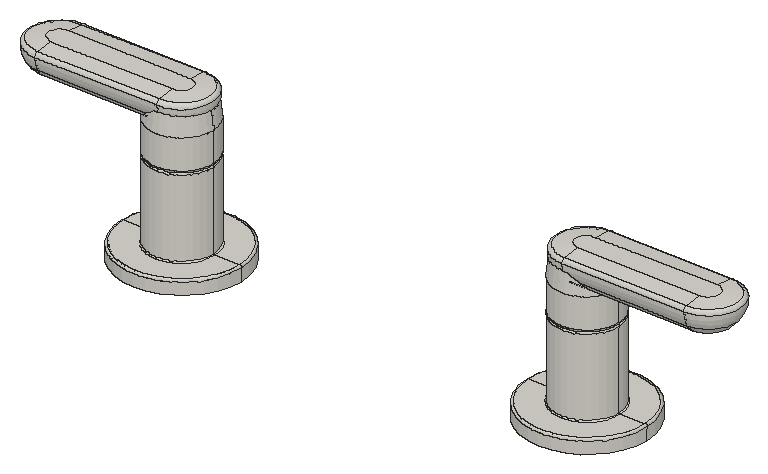
Revit family "Faucet-Wall_Mount-Lavatory-KALLISTA-002-P34128", category Plumbing Fixtures, host Face, Revit 2021
Family settings
  Host = Face
  Round Connector Dimension = Use Diameter
  Part Type = Normal
  OmniClass Number = 23.31.11.00
  OmniClass Title = Faucets
  Cut with Voids When Loaded = No
  Shared = No
  Room Calculation Point = No
Parameters (values of type "SN-Polished Nickel")
  Width [instance] = Faucet Hole Spacing  # 8"
  WaterSense Certified = 1 = 0  # no
  Waste Water Outlet = "Waste Water Outlet"  # constant formula
  Waste Connection = 1 = 0  # no
  Vent Connection = 1 = 0  # no
  URL = "https://www.kallista.com/"
  Type = 5
  Spout Reach = 3.07874"  # constant formula
  Product Page URL = "https://www.kallista.com/products/luxury-bathroom/faucets/bath-fillers/002-bath-faucet-handles-p34128-lv/sn-polished-nickel"
  Product Name = "002"  # constant formula
  Product Documentation Link = "https://resources.kohler.com/interiors/kallista/pdf/P34128-LV_spec_US-CA_Kallista_en.pdf"
  Pressure = 0.00 psi
  Model = if(Type = 1, "P34128-LV-BAF", if(Type = 2, "P34128-LV-BL", if(Type = 3, "P34128-LV-BN", if(Type = 4, "P34128-LV-CP", if(Type = 5, "P34128-LV-SN", if(Type = 6, "P34128-LV-2MB", "NA"))))))  # "P34128-LV-SN"
  Material = "Premium Metal Construction"  # constant formula
  Master Format 2014 Name = "Residential Faucets, Supplies, and Trim"  # constant formula
  Master Format 2014 = "22 41 39"  # constant formula
  Manufacturer Address = "444 Highland Dr, Kohler, WI 53044"  # constant formula
  Manufacturer = "Kallista Co."  # constant formula
  Length = Spout Reach  # 3.07874"
  Hot Water Inlet = "Hot Water Inlet"  # constant formula
  Height = 2.3622"  # constant formula
  Handle Clearance = 3 1/256"  # constant formula
  HW Connection = 1 = 1  # yes
  Flow Rate = 0 GPM
  Finish = Kallista-Metal-SN-Polished_Nickel
  Faucet Hole Spacing [instance] = 8"
  Environmental Product Declaration = ""
  Drain Included = 1 = 0  # no
  Description = "Capsule Wall Mount Bath Faucet Handles "  # constant formula
  Default Elevation = 36"
  Declare Label = ""
  Date Modified = "12/31/2024"  # constant formula
  Date Created = "11/30/2023"  # constant formula
  Copyright = "Copyright Kallista Co."  # constant formula
  Contact Us = "https://www.kallista.com/corporate/contact-us/"
  Cold Water Inlet = "Cold Water Inlet"  # constant formula
  CW Connection = 1 = 1  # yes
  Assembly Code = "D2010"
  ADA Compliant = 1 = 0  # no
Types (7): name | Type | Product Page URL | Model | Finish
  (no name) | 5 | "https://www.kallista.com/products/luxury-bathroom/faucets/bath-fillers/002-bath-faucet-handles-p34128-lv/sn-polished-nickel" | "P34128-LV-SN" | Kallista-Metal-SN-Polished_Nickel
  BAF-Brushed French Gold | 1 | "https://www.kallista.com/products/luxury-bathroom/faucets/bath-fillers/002-bath-faucet-handles-p34128-lv/baf-brushed-french-gold" | "P34128-LV-BAF" | Kallista-Metal-BAF-Brushed_French_Gold
  BN-Brushed Nickel | 3 | "https://www.kallista.com/products/luxury-bathroom/faucets/bath-fillers/002-bath-faucet-handles-p34128-lv" | "P34128-LV-BN" | Kallista-Metal-BN-Brushed_Nickel
  BL-Matte Black | 2 | "https://www.kallista.com/products/luxury-bathroom/faucets/bath-fillers/002-bath-faucet-handles-p34128-lv/bl-matte-black" | "P34128-LV-BL" | Kalista-Metal-BL-Matte_Black
  SN-Polished Nickel | 5 | "https://www.kallista.com/products/luxury-bathroom/faucets/bath-fillers/002-bath-faucet-handles-p34128-lv/sn-polished-nickel" | "P34128-LV-SN" | Kallista-Metal-SN-Polished_Nickel
  CP-Chrome | 4 | "https://www.kallista.com/products/luxury-bathroom/faucets/bath-fillers/002-bath-faucet-handles-p34128-lv/cp-chrome" | "P34128-LV-CP" | Kallista-Metal-CP-Chrome
  2MB-Brushed Brass | 6 | "" | "P34128-LV-2MB" | Kallista-Metal-2MB-Brushed_Brass
Reference planes (in)
  plane 1 "Center (Front/Back)": y = 0
  plane 2: z = 0
  plane 3 "Center (Left/Right)": x = 0
  plane 4: x = -4
  plane 5: x = 4
  plane 6: y = 1.1811
  plane 7: y = -1.1811
  plane 8: x = -2.8189
  plane 9: y = 0.98425
  plane 10: y = -0.98425
  plane 11: y = 0.62992
  plane 12: y = -0.62992
  plane 13: x = -7.00391
  plane 14: x = 7.00391
  plane 15: x = -4.62992
  plane 16: x = 5.1811
  plane 17: x = 2.8189
  plane 18: x = -5.1811
  plane 19: x = -3.37008
  plane 20: x = 3.37008
  plane 21: x = 4.62992
  plane 22: z = 3.07874
  plane 23: z = 2.45669
  plane 24: z = 0.27559
Dimensions and locks (in)
  equal spacing: plane 4, plane 3 "Center (Left/Right)", plane 5
  "Width": plane 4 to plane 5
  locked: plane 4 to plane 15 at 0.62992
  locked: plane 4 to plane 18 at 1.1811
  locked: plane 8 to plane 4 at 1.1811
  locked: plane 17 to plane 5 at 1.1811
  locked: plane 5 to plane 16 at 1.1811
  locked: plane 19 to plane 4 at 0.62992
  locked: plane 20 to plane 5 at 0.62992
  plane 5 to plane 21 = 0.62992"
  "Height": plane 6 to plane 7
  "Length": plane 22 to level
  "Handle Clearance": plane 5 to plane 14
  "Handle Clearance": plane 4 to plane 13
  plane 24 to plane 23 = 2.1811"
  level to plane 24 = 0.27559"
  plane 20 to plane 14 = 3.63383"
  plane 5 to plane 14 = 3 1/256"
  plane 21 to plane 20 = 1.25984"
  plane 3 "Center (Left/Right)" to plane 4 = 4"
  plane 11 to plane 12 = 1.25984"
  plane 18 to plane 8 = 2.3622"
  plane 24 to level = 0.27559"
  aligned and locked: plane 2 to host face
  aligned and locked: level to host face
  aligned and locked: plane 4 to nested 1
  aligned and locked: plane 1 "Center (Front/Back)" to nested 1
  aligned and locked: nested 2 to plane 5
  aligned and locked: nested 2 to plane 1 "Center (Front/Back)"
  aligned and locked: plane 22 to nested 1
  aligned and locked: plane 23 to nested 1
Automatic sketch dimensions
  host sketch curve to host sketch curve = 96"  (x2)
Nested families (in)
  nested 1: "P34128" at (-4, 0, 0), type "P34128"
  nested 2: "P34128" at (4, 0, 0) x (-1, 0, 0) z (0, 0, 1), type "P34128"
Connectors (in)
  piping at (-3.89925, 0, 0), diameter 0.5, driven by "HW Connection", driven by "Hot Water Inlet"
    settings: on nested 1, index 1, connector inside diameter 24", connector length 0", flow factor 0, pipe flow 0 GPM, pressure drop 0.00 psi, fitting loss kfactor 0, connector angle 0.00°, fixture units 0, engagement length 0", angle of deflection 0.00°, flow configuration 0, flow direction 1, fitting loss method 0, system type 19, joint type 0, gender type 0, connector reference index -1, connector utility 1, adjustable connector no, is connector primary yes, connector description "Hot Water Inlet"
  piping at (3.89925, 0, 0), diameter 0.5, driven by "CW Connection", driven by "Cold Water Inlet"
    settings: on nested 2, index 2, connector inside diameter 24", connector length 0", flow factor 0, pipe flow 0 GPM, pressure drop 0.00 psi, fitting loss kfactor 0, connector angle 0.00°, fixture units 0, engagement length 0", angle of deflection 0.00°, flow configuration 0, flow direction 1, fitting loss method 0, system type 20, joint type 0, gender type 0, connector reference index -1, connector utility 1, adjustable connector no, is connector primary no, connector description "Cold Water Inlet"
Definition of nested family "P34128"
  Parameters
    Material = none
    Default Elevation = 0"
  Reference planes (in)
    plane 1 "Center (Front/Back)": y = 0
    plane 2: z = 0
    plane 3 "Center (Left/Right)": x = 0
    plane 4: x = -2.50394
    plane 5: y = 0.98425
    plane 6: y = -0.98425
    plane 7: x = -1.1811
    plane 8: x = 1.1811
    plane 9: z = 3.07874
    plane 10: x = -0.62992
    plane 11: x = 0.62992
    plane 12: y = 0.62992
    plane 13: y = -0.62992
    plane 14: x = -3.00394
    plane 15: y = 1.1811
    plane 16: y = -1.1811
    plane 17: z = 0.27559
    plane 18: z = 2.45669
  Forms (in)
    Revolve 1, solid, material <- "Material", detail levels medium+fine
      sketch origin (0, 0, 0) x (1, 0, 0) y (0, 0, 1)
        loop
          line (0, 0) -> (0, 1.94511) -> (-0.43834, 1.94511) -> (-0.43834, 1.85845)
          arc (-0.43834, 1.85845) -> (-0.4443, 1.84406) -> (-0.45869, 1.8381) r 0.02035
          line (-0.45869, 1.8381) -> (-0.60996, 1.8381)
          arc (-0.60996, 1.8381) -> (-0.62408, 1.83225) -> (-0.62992, 1.81814) r 0.01996
          line (-0.62992, 1.81814) -> (-0.62992, 0.29528)
          arc (-0.62992, 0.29528) -> (-0.63569, 0.28136) -> (-0.64961, 0.27559) r 0.01969
          line (-0.64961, 0.27559) -> (-1.14062, 0.27559)
          arc (-1.14062, 0.27559) -> (-1.16925, 0.26373) -> (-1.1811, 0.23511) r 0.04048
          line (-1.1811, 0.23511) -> (-1.1811, 0) -> (0, 0)
        axis (0, 1.94511) -> (0, 0)
      angle from 0 to 360
    Sweep 2, solid, material <- "Material", detail levels medium+fine
      path origin (0, 0, -1.08808) x (1, 0, 0) y (0, 1, 0)
        loop
          arc (-2.39952, 0.60433) -> (-3.00385, 0) -> (-2.39952, -0.60433) r 0.60433
          line (-2.39952, -0.60433) -> (0.00365, -0.60433)
          arc (0.00365, -0.60433) -> (0.60798, 0) -> (0.00365, 0.60433) r 0.60433
          line (0.00365, 0.60433) -> (-2.39952, 0.60433)
      profile origin (-1.19794, 0.60433, -1.08808) x (0, 1, 0) y (0, 0, 1)
        loop
          arc (-0.07473, 3.77749) -> (-0.01445, 3.90942) -> (0.00587, 4.05304) r 0.50531
          arc (0.00587, 4.05304) -> (-0.01273, 4.1045) -> (-0.05974, 4.1325) r 0.08126
          arc (-0.05974, 4.1325) -> (-0.22334, 4.15645) -> (-0.38848, 4.16446) r 1.70688
          line (-0.38848, 4.16446) -> (-0.46934, 4.16446) -> (-0.46934, 3.57663) -> (-0.38697, 3.57663)
          arc (-0.38697, 3.57663) -> (-0.30868, 3.58749) -> (-0.2363, 3.61927) r 0.28749
          arc (-0.2363, 3.61927) -> (-0.14665, 3.68932) -> (-0.07473, 3.77749) r 0.51061
    Revolve 3, solid, material <- "Material", detail levels medium+fine
      sketch origin (0, 0, -1.06982) x (1, 0, 0) y (0, 0, 1)
        loop
          line (0.62992, 2.95275) -> (0.62992, 3.5433)
          arc (0.62992, 3.5433) -> (0.61799, 3.8026) -> (0.58231, 4.05972) r 2.82454
          line (0.58231, 4.05972) -> (0, 4.05972) -> (0, 2.92813) -> (0.6053, 2.92813)
          arc (0.6053, 2.92813) -> (0.62271, 2.93534) -> (0.62992, 2.95275) r 0.02462
        axis (0, 2.92813) -> (0, 4.05972)
      angle from 0 to 360
    Extrusion 4, solid, material <- "Material"
      sketch origin (0.10075, 0, 0) x (1, 0, 0) y (0, 1, 0)
        loop
          circle (0, 0) r 0.07874
      from 0 to 0.03646
    Extrusion 5, solid, material <- "Material", detail levels coarse
      sketch origin (0, 0, 0) x (1, 0, 0) y (0, 1, 0)
        loop
          arc (-2.39952, 0.60433) -> (-3.00385, 0) -> (-2.39952, -0.60433) r 0.60433
          line (-2.39952, -0.60433) -> (0.00365, -0.60433)
          arc (0.00365, -0.60433) -> (0.60798, 0) -> (0.00365, 0.60433) r 0.60433
          line (0.00365, 0.60433) -> (-2.39952, 0.60433)
      from 2.49108 to 3.08215
    Revolve 6, solid, material <- "Material", detail levels coarse
      sketch origin (0, 0, 0) x (1, 0, 0) y (0, 0, 1)
        loop
          line (0, 0) -> (0, 3.07326) -> (-0.60798, 3.07326) -> (-0.60798, 1.86317) -> (-0.43834, 1.86317) -> (-0.39272, 1.83788) -> (-0.6298, 1.83788) -> (-0.6298, 0.27484) -> (-1.1811, 0.27484) -> (-1.1811, 0) -> (0, 0)
        axis (0, 3.07326) -> (0, 0)
      angle from 0 to 360
    Extrusion 7, solid, material <- "Material", detail levels medium+fine
      sketch origin (0, 0, 0) x (1, 0, 0) y (0, 1, 0)
        loop
          line (-2.39952, -0.13499) -> (0.00365, -0.13499)
          arc (0.00365, -0.13499) -> (0.13864, 0) -> (0.00365, 0.13499) r 0.13499
          line (0.00365, 0.13499) -> (-2.39952, 0.13499)
          arc (-2.39952, 0.13499) -> (-2.53451, 0) -> (-2.39952, -0.13499) r 0.13499
      from 2.48855 to 3.07638
  Cuts and joins
    joined: Sweep 2, Extrusion 7
  Lines and regions (in)
    Masking region 1
      outline origin (0, 0, 0) x (1, 0, 0) y (0, 1, 0)
        loop
          arc (-2.40297, 0.62992) -> (-2.76243, 0.4974) -> (-2.97936, 0.18164) r 0.63222
          arc (-2.97936, 0.18164) -> (-2.99776, 0.0996) -> (-3.00394, 0.01575) r 0.57221
          line (-3.00394, 0.01575) -> (-3.00394, -0.01575)
          arc (-3.00394, -0.01575) -> (-2.8287, -0.44539) -> (-2.40297, -0.62992) r 0.61432
          line (-2.40297, -0.62992) -> (-0.9991, -0.62992)
          arc (-0.9991, -0.62992) -> (-0.76413, -0.90062) -> (-0.45877, -1.08836) r 1.1811
          arc (-0.45877, -1.08836) -> (-0.24262, -1.15767) -> (-0.01684, -1.1811) r 1.09932
          line (-0.01684, -1.1811) -> (0.01465, -1.1811)
          arc (0.01465, -1.1811) -> (0.29041, -1.1467) -> (0.54926, -1.04562) r 1.12248
          arc (0.54926, -1.04562) -> (0.87039, -0.79839) -> (1.08904, -0.45716) r 1.1811
          arc (1.08904, -0.45716) -> (1.14545, -0.29496) -> (1.1811, -0.12697) r 1.36894
          line (1.1811, -0.12697) -> (1.1811, 0.04595)
          arc (1.1811, 0.04595) -> (1.14377, 0.29551) -> (1.05471, 0.53159) r 1.19109
          arc (1.05471, 0.53159) -> (0.70496, 0.94765) -> (0.20592, 1.16301) r 1.1811
          arc (0.20592, 1.16301) -> (0.11369, 1.17566) -> (0.02076, 1.1811) r 1.19599
          line (0.02076, 1.1811) -> (-0.01078, 1.1811)
          arc (-0.01078, 1.1811) -> (-0.05484, 1.17984) -> (-0.09883, 1.17696) r 1.19905
          arc (-0.09883, 1.17696) -> (-0.61333, 1.00937) -> (-0.9991, 0.62992) r 1.1811
          line (-0.9991, 0.62992) -> (-2.40297, 0.62992)
    Masking region 2
      outline origin (0, 0, 0) x (1, 0, 0) y (0, 0, 1)
        loop
          line (-2.49936, 2.45669) -> (-1.02362, 2.45669)
          arc (-1.02362, 2.45669) -> (-0.74523, 2.34138) -> (-0.62992, 2.06299) r 0.3937
          line (-0.62992, 2.06299) -> (-0.62992, 1.87583)
          arc (-0.62992, 1.87583) -> (-0.62411, 1.8618) -> (-0.61008, 1.85599) r 0.01984
          line (-0.61008, 1.85599) -> (-0.45798, 1.85599) -> (-0.39016, 1.83636) -> (-0.61012, 1.83636)
          arc (-0.61012, 1.83636) -> (-0.62412, 1.83056) -> (-0.62992, 1.81655) r 0.01981
          line (-0.62992, 1.81655) -> (-0.62992, 0.29528)
          arc (-0.62992, 0.29528) -> (-0.63569, 0.28136) -> (-0.64961, 0.27559) r 0.01969
          line (-0.64961, 0.27559) -> (-1.1333, 0.27559)
          arc (-1.1333, 0.27559) -> (-1.1671, 0.26159) -> (-1.1811, 0.22779) r 0.0478
          line (-1.1811, 0.22779) -> (-1.1811, 0.022)
          arc (-1.1811, 0.022) -> (-1.17466, 0.00644) -> (-1.1591, 0) r 0.022
          line (-1.1591, 0) -> (1.1591, 0)
          arc (1.1591, 0) -> (1.17466, 0.00644) -> (1.1811, 0.022) r 0.022
          line (1.1811, 0.022) -> (1.1811, 0.23004)
          arc (1.1811, 0.23004) -> (1.16776, 0.26225) -> (1.13555, 0.27559) r 0.04555
          line (1.13555, 0.27559) -> (0.64961, 0.27559)
          arc (0.64961, 0.27559) -> (0.63569, 0.28136) -> (0.62992, 0.29528) r 0.01969
          line (0.62992, 0.29528) -> (0.62992, 1.81655)
          arc (0.62992, 1.81655) -> (0.62412, 1.83056) -> (0.61012, 1.83636) r 0.01981
          line (0.61012, 1.83636) -> (0.39016, 1.83636) -> (0.45798, 1.85599) -> (0.61008, 1.85599)
          arc (0.61008, 1.85599) -> (0.62411, 1.8618) -> (0.62992, 1.87583) r 0.01984
          line (0.62992, 1.87583) -> (0.62992, 2.99874)
          arc (0.62992, 2.99874) -> (0.62044, 3.02469) -> (0.59645, 3.0384) r 0.04024
          arc (0.59645, 3.0384) -> (0.35912, 3.06864) -> (0.12008, 3.07874) r 2.8329
          line (0.12008, 3.07874) -> (-2.53053, 3.07874)
          arc (-2.53053, 3.07874) -> (-2.75129, 3.0694) -> (-2.97046, 3.04143) r 2.61228
          arc (-2.97046, 3.04143) -> (-2.99445, 3.02771) -> (-3.00394, 3.00175) r 0.04025
          line (-3.00394, 3.00175) -> (-3.00394, 2.86002)
          arc (-3.00394, 2.86002) -> (-2.82234, 2.56992) -> (-2.49936, 2.45669) r 0.51728
    Masking region 3
      outline origin (0, 0, 0) x (0, 1, 0) y (0, 0, 1)
        loop
          line (-0.62992, 1.8138) -> (-0.62992, 0.32301)
          arc (-0.62992, 0.32301) -> (-0.62713, 0.29867) -> (-0.6189, 0.27559) r 0.10747
          line (-0.6189, 0.27559) -> (-1.13677, 0.27559)
          arc (-1.13677, 0.27559) -> (-1.16812, 0.26261) -> (-1.1811, 0.23126) r 0.04433
          line (-1.1811, 0.23126) -> (-1.1811, 0.0214)
          arc (-1.1811, 0.0214) -> (-1.17484, 0.00627) -> (-1.15971, 0) r 0.0214
          line (-1.15971, 0) -> (1.15971, 0)
          arc (1.15971, 0) -> (1.17484, 0.00627) -> (1.1811, 0.0214) r 0.0214
          line (1.1811, 0.0214) -> (1.1811, 0.23126)
          arc (1.1811, 0.23126) -> (1.16812, 0.26261) -> (1.13677, 0.27559) r 0.04433
          line (1.13677, 0.27559) -> (0.6189, 0.27559)
          arc (0.6189, 0.27559) -> (0.62713, 0.29867) -> (0.62992, 0.32301) r 0.10747
          line (0.62992, 0.32301) -> (0.62992, 1.81995)
          arc (0.62992, 1.81995) -> (0.62402, 1.8342) -> (0.60977, 1.84011) r 0.02016
          line (0.60977, 1.84011) -> (0.43053, 1.84011) -> (0.4517, 1.86533) -> (0.61011, 1.86533)
          arc (0.61011, 1.86533) -> (0.62412, 1.87113) -> (0.62992, 1.88513) r 0.01981
          line (0.62992, 1.88513) -> (0.62992, 2.99452)
          arc (0.62992, 2.99452) -> (0.61974, 3.02184) -> (0.59417, 3.03582) r 0.04173
          arc (0.59417, 3.03582) -> (0.40162, 3.05913) -> (0.20819, 3.07343) r 4.16174
          arc (0.20819, 3.07343) -> (0.1111, 3.07741) -> (0.01393, 3.07874) r 3.55653
          line (0.01393, 3.07874) -> (-0.01757, 3.07874)
          arc (-0.01757, 3.07874) -> (-0.06068, 3.07843) -> (-0.10379, 3.0775) r 2.98571
          arc (-0.10379, 3.0775) -> (-0.34907, 3.06424) -> (-0.59315, 3.03654) r 4.16174
          arc (-0.59315, 3.03654) -> (-0.61945, 3.02219) -> (-0.62992, 2.99412) r 0.04286
          line (-0.62992, 2.99412) -> (-0.62992, 1.88513)
          arc (-0.62992, 1.88513) -> (-0.62412, 1.87113) -> (-0.61011, 1.86533) r 0.01981
          line (-0.61011, 1.86533) -> (-0.4517, 1.86533) -> (-0.43053, 1.84011) -> (-0.60977, 1.84011)
          arc (-0.60977, 1.84011) -> (-0.62402, 1.8342) -> (-0.62992, 1.81995) r 0.02016
    symbolic lines, detail levels medium+fine
      curve 1: line (-1.1752, -0.62992, 0) -> (-0.00187, -0.62992, 0)
      curve 2: line (-1.1752, 0.62992, 0) -> (-0.00187, 0.62992, 0)
      curve 3: line (0, 0.5874, 0) -> (0, -0.62992, 0)
      curve 4: line (-1.1811, 0, 0.022) -> (1.1811, 0, 0.022)
      curve 5: line (-2.49936, 0, 2.45669) -> (-2.49936, 0, 3.07874)
      curve 6: line (-0.45798, 0, 1.85599) -> (0.45798, 0, 1.85599)
      curve 7: line (0.39016, 0, 1.83636) -> (-0.39016, 0, 1.83636)
      curve 8: line (-0.62992, 0, 1.81655) -> (0.62992, 0, 1.81655)
      curve 9: line (-0.62992, 0, 1.87583) -> (0.62992, 0, 1.87583)
      curve 10: line (-2.97046, 0, 3.04143) -> (0.59645, 0, 3.0384)
      curve 11: line (0.62992, 0, 2.99874) -> (-3.00394, 0, 3.00175)
      curve 12: arc (-0.51558, 0, 2.99969) -> (-0.13091, 0, 2.6469) -> (0, 0, 2.14164) r 0.92023
      curve 13: line (0, 0, 2.14164) -> (0, 0, 1.87583)
      curve 14: line (-1.1811, 0, 2.45669) -> (-1.1811, 0, 3.00024)
      curve 15: line (-0.64961, 0, 0.27559) -> (0.64961, 0, 0.27559)
      curve 16: line (-0.62992, 0, 0.29528) -> (0.62992, 0, 0.29528)
      curve 17: line (1.1811, 0, 0.23004) -> (-1.18105, 0, 0.23004)
      curve 18: arc (-0.00187, 0.62992, 0) -> (0.62806, 0, 0) -> (-0.00187, -0.62992, 0) r 0.62992
      curve 19: line (-2.38056, 0.5874, 0) -> (0, 0.5874, 0)
      curve 20: arc (-0.00187, 0.5874, 0) -> (0.58554, 0, 0) -> (-0.00187, -0.5874, 0) r 0.5874
      curve 21: line (-0.00187, -0.5874, 0) -> (-2.38056, -0.5874, 0)
      curve 22: arc (-2.38056, -0.5874, 0) -> (-2.96796, 0, 0) -> (-2.38056, 0.5874, 0) r 0.5874
      curve 23: arc (-0.94125, -0.62992, 0) -> (1.13259, 0, 0) -> (-0.94125, 0.62992, 0) r 1.13259
      curve 24: line (0, 0.4517, 1.86533) -> (0, -0.4517, 1.86533)
      curve 25: line (0, -0.43053, 1.84011) -> (0, 0.43053, 1.84011)
      curve 26: line (0, 0.62992, 1.81995) -> (0, -0.62992, 1.8138)
      curve 27: line (0, 0.59417, 3.03582) -> (0, -0.59315, 3.03654)
      curve 28: line (0, -0.62992, 2.99412) -> (0, 0.62992, 2.99452)
      curve 29: line (0, 0.62992, 1.88513) -> (0, -0.62992, 1.88513)
      curve 30: line (0, 0.6189, 0.27559) -> (0, -0.6189, 0.27559)
      curve 31: line (0, -1.1811, 0.23126) -> (0, 1.1811, 0.23126)
      curve 32: line (0, 1.1811, 0.0214) -> (0, -1.1811, 0.0214)
      curve 33: line (0, 0.62992, 0.32301) -> (0, -0.62992, 0.32301)
      curve 34: arc (0, -0.62992, 2.99412) -> (0, 0.00017, 2.45669) -> (0, 0.62992, 2.99452) r 0.63784
  Dimensions and locks (in)
    plane 4 to plane 3 "Center (Left/Right)" = 2.50394"
    plane 9 to level = 3.07874"
    plane 11 to plane 4 = 3.13386"
    plane 9 to plane 17 = 2.80315"
    plane 10 to plane 11 = 1.25984"
    aligned and locked: plane 2 to level
    aligned and locked: plane 8 to Masking region 2 sketch curve
    aligned and locked: plane 11 to Masking region 2 sketch curve
    aligned and locked: Masking region 2 sketch curve to plane 10
    aligned and locked: Masking region 2 sketch curve to plane 11
    aligned and locked: plane 14 to Masking region 1 sketch curve
    aligned and locked: Masking region 3 sketch curve to plane 15
    aligned and locked: plane 16 to Masking region 3 sketch curve
    aligned and locked: Masking region 2 sketch curve to plane 18
    aligned and locked: Masking region 2 sketch curve to plane 17
    aligned and locked: plane 17 to Masking region 2 sketch curve
    aligned and locked: Masking region 1 sketch curve to plane 8
